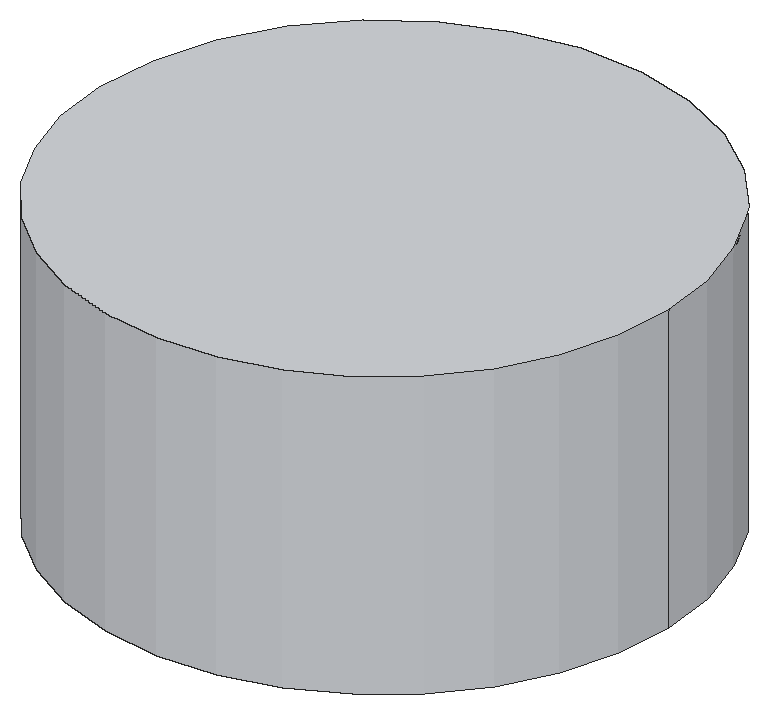
Revit family "PGH-30-INLET FAMILY", category Generic Models, Revit 2022
Family settings
  Can host rebar = No
  Round Connector Dimension = Use Diameter
  Part Type = Normal
  Work Plane-Based = No
  Always vertical = Yes
  Cut with Voids When Loaded = No
  Maintain Annotation Orientation = No
  Shared = No
  Room Calculation Point = No
Parameters (values of type "PGH-30")
  URL = "https://www.anemostat-hvac.com/literature/PG-S-0012.pdf"
  Model = "PGH-30"
  Manufacturer = "ANEMOSTAT PRODUCTS"
  INLET_DIA = 0' - 3 7/8"
  Description = "PG-30, PGH, SUPPY/RETURN, 1/8\" PLAQUES DROP"
  Default Elevation = 0' - 0"
  Connector_1_Diameter = INLET_DIA  # 0' - 3 7/8"
Reference planes (in)
  plane 1 "Center (Front/Back)": y = 0
  plane 2: z = 0
  plane 3 "Center (Left/Right)": x = 0
Forms (in)
  Extrusion 1, solid
    sketch origin (-0.00019, -0.00003, 3.40793) x (0, 1, 0) y (1, 0, 0)
      loop
        circle (0, 0) r 0.12
    from 0 to -0.12
Dimensions and locks (in)
  aligned and locked: plane 2 to level
Connectors (in)
  hvac at (-0.00019, -0.00003, 3.40793), driven by "Connector_1_Diameter"
    settings: on Extrusion 1, index 1, duct flow 0 CFM, flow factor 0, pres drop 0.00 in-wg, loss coef 0, conn angle 0.00°, conn width 12", conn height 12", conn diameter 3 7/8", duct sys type 1, conn prof type 0, flow config 1, flow direction 1, loss method 0, conn ref index -1, conn util no, is conn primary yes, conn desc ""
